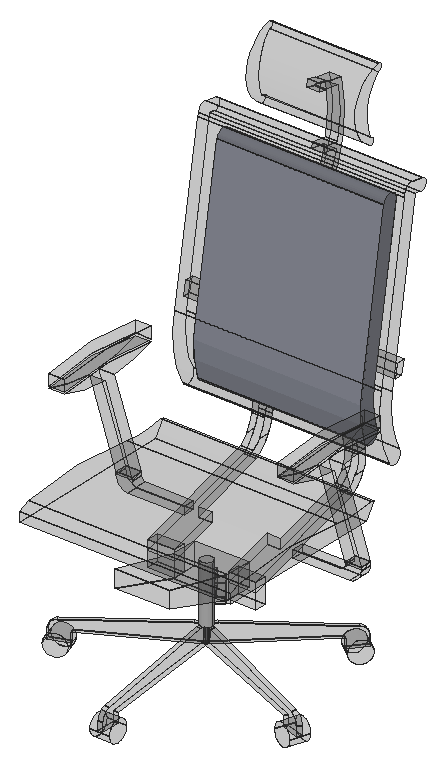
Revit family (continued)
Automatic sketch dimensions
  Extrusion 17 sketch curve to Extrusion 17 sketch curve = 4.408 mm
  Extrusion 17 sketch curve to Extrusion 17 sketch curve = 42.972 mm
  Extrusion 17 sketch curve to Extrusion 17 sketch curve = 26.007 mm
  Extrusion 18 sketch curve to Extrusion 18 sketch curve = 0.00 mm  (x6)
  Extrusion 18 sketch curve to Extrusion 15 = 0.00 mm  (x3)
  Extrusion 18 sketch curve to Extrusion 15 = 92.634 mm
  Extrusion 15 to Extrusion 18 sketch curve = 35.00 mm
  Extrusion 18 sketch curve to Extrusion 18 sketch curve = 119.211 mm
  Extrusion 18 sketch curve to Extrusion 18 sketch curve = 1.726 mm
  Extrusion 15 to Extrusion 18 sketch curve = 22.119 mm
  Extrusion 18 sketch curve to Extrusion 18 sketch curve = 58.542 mm
  Extrusion 18 sketch curve to Extrusion 18 sketch curve = 131.934 mm
  Extrusion 19 sketch curve to Extrusion 1 = 0.00 mm
  Extrusion 19 sketch curve to Extrusion 1 = 65.425 mm
  Extrusion 19 sketch curve to Extrusion 19 sketch curve = 31.712 mm
  Extrusion 1 to Extrusion 19 sketch curve = 6.007 mm
  Extrusion 20 sketch curve to Extrusion 20 sketch curve = 65.799 mm
  Extrusion 21 sketch curve to Extrusion 21 sketch curve = 0.00 mm  (x14)
  Extrusion 21 sketch curve to Extrusion 21 sketch curve = 0.927 mm  (x2)
  Extrusion 21 sketch curve to Extrusion 21 sketch curve = 28.861 mm
  Extrusion 21 sketch curve to Extrusion 21 sketch curve = 30.508 mm
  Extrusion 21 sketch curve to Extrusion 21 sketch curve = 4.913 mm
  Extrusion 21 sketch curve to Extrusion 21 sketch curve = 8.276 mm
  Extrusion 22 sketch curve to Extrusion 22 sketch curve = 0.00 mm  (x14)
  Extrusion 22 sketch curve to Extrusion 22 sketch curve = 0.927 mm  (x2)
  Extrusion 22 sketch curve to Extrusion 22 sketch curve = 28.861 mm
  Extrusion 22 sketch curve to Extrusion 22 sketch curve = 8.276 mm
  Extrusion 22 sketch curve to Extrusion 22 sketch curve = 0.527 mm
  Extrusion 22 sketch curve to Extrusion 22 sketch curve = 4.913 mm
  Extrusion 22 sketch curve to Extrusion 22 sketch curve = 30.508 mm
  Extrusion 23 sketch curve to Extrusion 19 = 43.371 mm
  Extrusion 23 sketch curve to Extrusion 23 sketch curve = 8.276 mm  (x2)
  Extrusion 23 sketch curve to Extrusion 23 sketch curve = 11.526 mm
  Extrusion 23 sketch curve to Extrusion 19 = 2.532 mm
  Extrusion 23 sketch curve to Extrusion 19 = 211.60 mm
  Extrusion 23 sketch curve to Extrusion 23 sketch curve = 123.405 mm
  Extrusion 23 sketch curve to Extrusion 23 sketch curve = 1.595 mm
  Extrusion 23 sketch curve to Extrusion 23 sketch curve = 8.895 mm
  Extrusion 23 sketch curve to Extrusion 23 sketch curve = 22.546 mm
  Extrusion 24 sketch curve to Extrusion 19 = 0.00 mm
  Extrusion 24 sketch curve to Extrusion 19 = 43.371 mm
  Extrusion 24 sketch curve to Extrusion 24 sketch curve = 8.276 mm  (x2)
  Extrusion 24 sketch curve to Extrusion 24 sketch curve = 11.526 mm
  Extrusion 24 sketch curve to Extrusion 19 = 2.532 mm
  Extrusion 24 sketch curve to Extrusion 19 = 123.405 mm
  Extrusion 24 sketch curve to Extrusion 24 sketch curve = 1.595 mm
  Extrusion 24 sketch curve to Extrusion 24 sketch curve = 8.895 mm
  Extrusion 24 sketch curve to Extrusion 24 sketch curve = 22.546 mm
  Extrusion 25 sketch curve to Extrusion 25 sketch curve = 0.00 mm  (x5)
  Extrusion 1 to Extrusion 25 sketch curve = 1290.586 mm
  Extrusion 1 to Extrusion 25 sketch curve = 3480.162 mm
  Extrusion 1 to Extrusion 25 sketch curve = 1724.423 mm
  Extrusion 1 to Extrusion 25 sketch curve = 182.433 mm
  Extrusion 25 sketch curve to Extrusion 25 sketch curve = 24.266 mm
  Extrusion 25 sketch curve to Extrusion 25 sketch curve = 37.129 mm
  Extrusion 25 sketch curve to Extrusion 25 sketch curve = 17.59 mm
  Extrusion 1 to Extrusion 25 sketch curve = 255.807 mm
  Extrusion 25 sketch curve to Extrusion 25 sketch curve = 1.783 mm
  Extrusion 25 sketch curve to Extrusion 25 sketch curve = 21.375 mm
  Extrusion 25 sketch curve to Extrusion 25 sketch curve = 3.104 mm
  Extrusion 25 sketch curve to Extrusion 25 sketch curve = 14.363 mm
  Extrusion 25 sketch curve to Extrusion 25 sketch curve = 16.061 mm
  Extrusion 25 sketch curve to Extrusion 25 sketch curve = 2.87 mm  (x2)
  Extrusion 25 sketch curve to Extrusion 25 sketch curve = 189.823 mm
  Extrusion 25 sketch curve to Extrusion 1 = 1026.854 mm
  Extrusion 1 to Extrusion 25 sketch curve = 827.495 mm
  Extrusion 25 sketch curve to Extrusion 25 sketch curve = 6.298 mm
  Extrusion 25 sketch curve to Extrusion 25 sketch curve = 16.645 mm
  Extrusion 25 sketch curve to Extrusion 25 sketch curve = 15.068 mm
  Extrusion 25 sketch curve to Extrusion 25 sketch curve = 10.112 mm
  Extrusion 26 sketch curve to Extrusion 26 sketch curve = 108.656 mm
  Extrusion 26 sketch curve to Extrusion 26 sketch curve = 19.639 mm
  Extrusion 26 sketch curve to Extrusion 26 sketch curve = 19.496 mm
  Extrusion 26 sketch curve to Extrusion 26 sketch curve = 7.718 mm
  Extrusion 26 sketch curve to Extrusion 26 sketch curve = 19.512 mm
  Extrusion 26 sketch curve to Extrusion 26 sketch curve = 17.684 mm
  Extrusion 27 sketch curve to Extrusion 27 sketch curve = 29.478 mm
  Extrusion 27 sketch curve to Extrusion 27 sketch curve = 17.684 mm
  Extrusion 27 sketch curve to Extrusion 27 sketch curve = 19.512 mm
  Extrusion 27 sketch curve to Extrusion 27 sketch curve = 69.521 mm
  Extrusion 27 sketch curve to Extrusion 27 sketch curve = 0.00 mm
  Extrusion 27 sketch curve to Extrusion 27 sketch curve = 19.496 mm
  Extrusion 28 sketch curve to Extrusion 25 = 43.247 mm
  Extrusion 25 to Extrusion 28 sketch curve = 406.976 mm
  Extrusion 28 sketch curve to Extrusion 28 sketch curve = 6.104 mm
  Extrusion 28 sketch curve to Extrusion 28 sketch curve = 20.427 mm
  Extrusion 28 sketch curve to Extrusion 28 sketch curve = 22.835 mm
  Extrusion 28 sketch curve to Extrusion 28 sketch curve = 34.62 mm
  Extrusion 29 sketch curve to Extrusion 25 = 36.364 mm
  Extrusion 25 to Extrusion 29 sketch curve = 32.376 mm
  Extrusion 29 sketch curve to Extrusion 29 sketch curve = 0.00 mm
  Extrusion 29 sketch curve to Extrusion 29 sketch curve = 2.987 mm
  Extrusion 29 sketch curve to Extrusion 29 sketch curve = 1.541 mm
  Extrusion 29 sketch curve to Extrusion 29 sketch curve = 25.179 mm
  Extrusion 29 sketch curve to Extrusion 29 sketch curve = 19.949 mm
  Extrusion 29 sketch curve to Extrusion 29 sketch curve = 75.635 mm
  Extrusion 29 sketch curve to Extrusion 29 sketch curve = 7.934 mm
  Extrusion 29 sketch curve to Extrusion 29 sketch curve = 15.051 mm
  Extrusion 30 sketch curve to Extrusion 30 sketch curve = 0.00 mm  (x10)
  Extrusion 30 sketch curve to Extrusion 30 sketch curve = 248.792 mm
  Extrusion 30 sketch curve to Extrusion 30 sketch curve = 3.473 mm
  Extrusion 30 sketch curve to Extrusion 30 sketch curve = 14.416 mm
  Extrusion 30 sketch curve to Extrusion 30 sketch curve = 1.703 mm
  Extrusion 30 sketch curve to Extrusion 30 sketch curve = 5.207 mm
  Extrusion 30 sketch curve to Extrusion 30 sketch curve = 23.149 mm
  Extrusion 30 sketch curve to Extrusion 30 sketch curve = 0.347 mm  (x2)
  Extrusion 30 sketch curve to Extrusion 30 sketch curve = 2.778 mm
  Extrusion 30 sketch curve to Extrusion 30 sketch curve = 16.013 mm
  Extrusion 30 sketch curve to Extrusion 30 sketch curve = 37.676 mm
  Extrusion 30 sketch curve to Extrusion 30 sketch curve = 3.53 mm
  Extrusion 30 sketch curve to Extrusion 30 sketch curve = 37.959 mm
  Extrusion 30 sketch curve to Extrusion 30 sketch curve = 12.202 mm
  Extrusion 30 sketch curve to Extrusion 30 sketch curve = 2.824 mm
  Extrusion 30 sketch curve to Extrusion 30 sketch curve = 94.82 mm
  Extrusion 30 sketch curve to Extrusion 30 sketch curve = 7.105 mm
  Extrusion 30 sketch curve to Extrusion 30 sketch curve = 14.584 mm
  Extrusion 30 sketch curve to Extrusion 30 sketch curve = 14.307 mm
  plane 5 to Masking region 1 sketch curve = 132.35 mm  (x2)
  Masking region 1 sketch curve to Masking region 1 sketch curve = 48.314 mm  (x2)
  Masking region 1 sketch curve to Masking region 1 sketch curve = 30.59 mm  (x2)
  Masking region 1 sketch curve to Masking region 1 sketch curve = 42.192 mm
  Masking region 1 sketch curve to plane 3 "중심(왼쪽/오른쪽)" = 25.40 mm
  plane 3 "중심(왼쪽/오른쪽)" to Masking region 1 sketch curve = 25.40 mm
  Masking region 1 sketch curve to Masking region 1 sketch curve = 79.185 mm
  curve 5 to curve 15 = 32.327 mm
  curve 22 to curve 23 = 30.59 mm
  curve 31 to curve 10 = 14.718 mm
  curve 13 to curve 20 = 4.851 mm
  curve 12 to curve 29 = 4.851 mm
  curve 29 to curve 29 = 15.583 mm
  curve 43 to curve 22 = 2.187 mm
  curve 25 to curve 24 = 39.025 mm
  plane 3 "중심(왼쪽/오른쪽)" to curve 16 = 25.40 mm
  curve 32 to curve 18 = 19.05 mm
  curve 26 to curve 27 = 62.792 mm
  Extrusion 1 sketch curve to Extrusion 1 sketch curve = 2.379 mm
  Extrusion 13 sketch curve to Extrusion 13 sketch curve = 0.00 mm
  Extrusion 13 sketch curve to Extrusion 13 sketch curve = 36.555 mm
  Extrusion 13 sketch curve to Extrusion 13 sketch curve = 25.459 mm
  Extrusion 14 sketch curve to Extrusion 14 sketch curve = 222.197 mm
  Extrusion 17 sketch curve to Extrusion 17 sketch curve = 242.216 mm
  Extrusion 21 sketch curve to Extrusion 21 sketch curve = 271.041 mm
  Extrusion 21 sketch curve to Extrusion 21 sketch curve = 0.527 mm
  Extrusion 22 sketch curve to Extrusion 22 sketch curve = 271.041 mm
  Masking region 1 sketch curve to plane 3 "중심(왼쪽/오른쪽)" = 95.25 mm
  Masking region 1 sketch curve to plane 3 "중심(왼쪽/오른쪽)" = 120.65 mm
  Masking region 1 sketch curve to plane 3 "중심(왼쪽/오른쪽)" = 162.048 mm
  Masking region 1 sketch curve to Masking region 1 sketch curve = 50.678 mm
  Masking region 1 sketch curve to Masking region 1 sketch curve = 2.612 mm
  Masking region 1 sketch curve to Masking region 1 sketch curve = 31.899 mm
  curve 14 to curve 6 = 18.358 mm
  curve 20 to curve 21 = 15.583 mm
  curve 15 to plane 3 "중심(왼쪽/오른쪽)" = 95.25 mm
  curve 17 to curve 9 = 95.25 mm
  curve 2 to curve 39 = 19.122 mm
  curve 38 to curve 38 = 31.899 mm
  plane 3 "중심(왼쪽/오른쪽)" to Masking region 1 sketch curve = 95.25 mm
  Masking region 1 sketch curve to Masking region 1 sketch curve = 95.25 mm
  plane 3 "중심(왼쪽/오른쪽)" to Masking region 1 sketch curve = 162.048 mm
  Masking region 1 sketch curve to Masking region 1 sketch curve = 50.674 mm
  Masking region 1 sketch curve to Masking region 1 sketch curve = 18.71 mm
  Masking region 1 sketch curve to Masking region 1 sketch curve = 32.324 mm
  curve 12 to plane 5 = 20.05 mm
  plane 3 "중심(왼쪽/오른쪽)" to curve 14 = 95.25 mm
  curve 9 to curve 18 = 95.25 mm
  curve 41 to curve 42 = 32.324 mm
  Extrusion 1 sketch curve to Extrusion 1 sketch curve = 189.208 mm
  Extrusion 1 sketch curve to Extrusion 1 sketch curve = 2.133 mm
  Extrusion 1 sketch curve to Extrusion 1 sketch curve = 69.56 mm
  Extrusion 2 sketch curve to Extrusion 2 sketch curve = 28.20 mm
  Extrusion 3 sketch curve to Extrusion 3 sketch curve = 1.097 mm
  Extrusion 3 sketch curve to Extrusion 3 sketch curve = 30.701 mm
  Extrusion 9 sketch curve to Extrusion 9 sketch curve = 52.283 mm
  Extrusion 9 sketch curve to Extrusion 9 sketch curve = 1.097 mm
  Extrusion 10 sketch curve to Extrusion 10 sketch curve = 1.097 mm
  Extrusion 10 sketch curve to Extrusion 10 sketch curve = 30.701 mm
  Extrusion 11 sketch curve to Extrusion 11 sketch curve = 52.283 mm
  Extrusion 11 sketch curve to Extrusion 11 sketch curve = 1.097 mm
  Extrusion 12 sketch curve to Extrusion 12 sketch curve = 266.70 mm
  Extrusion 12 sketch curve to Extrusion 12 sketch curve = 4.411 mm
  Extrusion 12 sketch curve to Extrusion 12 sketch curve = 30.701 mm
  Extrusion 13 sketch curve to Extrusion 13 sketch curve = 193.281 mm
  Extrusion 13 sketch curve to Extrusion 13 sketch curve = 200.516 mm
  Extrusion 13 sketch curve to Extrusion 13 sketch curve = 246.719 mm
  Extrusion 14 sketch curve to Extrusion 14 sketch curve = 157.597 mm
  Extrusion 14 sketch curve to Extrusion 14 sketch curve = 51.415 mm
  Extrusion 14 sketch curve to Extrusion 14 sketch curve = 1.212 mm
  Extrusion 14 sketch curve to Extrusion 14 sketch curve = 217.458 mm
  Extrusion 14 sketch curve to Extrusion 14 sketch curve = 97.736 mm
  Extrusion 14 sketch curve to Extrusion 14 sketch curve = 46.592 mm
  Extrusion 14 sketch curve to Extrusion 14 sketch curve = 110.161 mm
  Extrusion 17 sketch curve to Extrusion 17 sketch curve = 257.368 mm
  Extrusion 17 sketch curve to Extrusion 17 sketch curve = 31.354 mm
  Extrusion 17 sketch curve to Extrusion 17 sketch curve = 148.724 mm
  Extrusion 20 sketch curve to Extrusion 20 sketch curve = 31.712 mm
  Extrusion 21 sketch curve to Extrusion 21 sketch curve = 30.943 mm
  Extrusion 21 sketch curve to Extrusion 21 sketch curve = 117.903 mm
  Extrusion 21 sketch curve to Extrusion 21 sketch curve = 141.123 mm
  Extrusion 21 sketch curve to Extrusion 21 sketch curve = 80.393 mm
  Extrusion 21 sketch curve to Extrusion 21 sketch curve = 31.42 mm
  Extrusion 21 sketch curve to Extrusion 21 sketch curve = 131.071 mm
  Extrusion 21 sketch curve to Extrusion 21 sketch curve = 446.677 mm
  Extrusion 22 sketch curve to Extrusion 22 sketch curve = 30.943 mm
  Extrusion 22 sketch curve to Extrusion 22 sketch curve = 117.903 mm
  Extrusion 22 sketch curve to Extrusion 22 sketch curve = 141.123 mm
  Extrusion 22 sketch curve to Extrusion 22 sketch curve = 80.393 mm
  Extrusion 22 sketch curve to Extrusion 22 sketch curve = 31.42 mm
  Extrusion 22 sketch curve to Extrusion 22 sketch curve = 131.071 mm
  Extrusion 22 sketch curve to Extrusion 22 sketch curve = 446.677 mm
  Extrusion 31 sketch curve to Extrusion 31 sketch curve = 59.792 mm
  Extrusion 31 sketch curve to Extrusion 31 sketch curve = 44.796 mm
  Extrusion 33 sketch curve to Extrusion 33 sketch curve = 25.40 mm  (x4)
  Extrusion 33 sketch curve to Extrusion 33 sketch curve = 266.70 mm
  Extrusion 33 sketch curve to Extrusion 33 sketch curve = 4.411 mm
  Extrusion 33 sketch curve to Extrusion 33 sketch curve = 45.499 mm
  Extrusion 34 sketch curve to Extrusion 34 sketch curve = 28.20 mm
  Extrusion 35 sketch curve to Extrusion 35 sketch curve = 28.20 mm
  Extrusion 36 sketch curve to Extrusion 36 sketch curve = 28.20 mm
  Extrusion 37 sketch curve to Extrusion 37 sketch curve = 28.20 mm
  Extrusion 39 sketch curve to Extrusion 39 sketch curve = 25.40 mm  (x4)
  Extrusion 39 sketch curve to Extrusion 39 sketch curve = 266.70 mm
  Extrusion 39 sketch curve to Extrusion 39 sketch curve = 4.411 mm
  Extrusion 39 sketch curve to Extrusion 39 sketch curve = 45.499 mm
  Extrusion 40 sketch curve to Extrusion 40 sketch curve = 25.40 mm  (x4)
  Extrusion 40 sketch curve to Extrusion 40 sketch curve = 266.70 mm
  Extrusion 40 sketch curve to Extrusion 40 sketch curve = 4.411 mm
  Extrusion 40 sketch curve to Extrusion 40 sketch curve = 45.499 mm
  Extrusion 41 sketch curve to Extrusion 41 sketch curve = 25.40 mm  (x4)
  Extrusion 41 sketch curve to Extrusion 41 sketch curve = 266.70 mm
  Extrusion 41 sketch curve to Extrusion 41 sketch curve = 4.411 mm
  Extrusion 41 sketch curve to Extrusion 41 sketch curve = 45.499 mm
  Extrusion 42 sketch curve to Extrusion 42 sketch curve = 25.40 mm  (x3)
  Extrusion 42 sketch curve to Extrusion 42 sketch curve = 50.80 mm
  Extrusion 42 sketch curve to Extrusion 42 sketch curve = 24.303 mm
  Extrusion 42 sketch curve to Extrusion 42 sketch curve = 45.499 mm
  Extrusion 43 sketch curve to Extrusion 43 sketch curve = 25.811 mm
  Extrusion 43 sketch curve to Extrusion 43 sketch curve = 1.212 mm
  Extrusion 44 sketch curve to Extrusion 44 sketch curve = 0.00 mm  (x2)
  Extrusion 45 sketch curve to Extrusion 45 sketch curve = 0.00 mm  (x2)
  Extrusion 45 sketch curve to Extrusion 31 = 20.00 mm
  Extrusion 45 sketch curve to Extrusion 31 = 65.425 mm
  Extrusion 31 to Extrusion 45 sketch curve = 191.942 mm
  Extrusion 31 to Extrusion 45 sketch curve = 228.523 mm
  Extrusion 45 sketch curve to Extrusion 45 sketch curve = 4.408 mm
  Extrusion 45 sketch curve to Extrusion 45 sketch curve = 42.972 mm
  Extrusion 45 sketch curve to Extrusion 45 sketch curve = 10.514 mm
  Extrusion 45 sketch curve to Extrusion 45 sketch curve = 39.352 mm
  Extrusion 45 sketch curve to Extrusion 45 sketch curve = 25.00 mm  (x2)
  Extrusion 31 to Extrusion 45 sketch curve = 6.007 mm
  Extrusion 31 to Extrusion 45 sketch curve = 69.136 mm
  Extrusion 45 sketch curve to Extrusion 45 sketch curve = 242.216 mm
  Extrusion 46 sketch curve to Extrusion 46 sketch curve = 0.00 mm  (x6)
  Extrusion 46 sketch curve to Extrusion 45 = 0.00 mm
  Extrusion 46 sketch curve to Extrusion 45 = 92.634 mm
  Extrusion 46 sketch curve to Extrusion 46 sketch curve = 119.211 mm
  Extrusion 46 sketch curve to Extrusion 46 sketch curve = 1.726 mm
  Extrusion 46 sketch curve to Extrusion 46 sketch curve = 58.542 mm
  Extrusion 46 sketch curve to Extrusion 46 sketch curve = 11.388 mm
  Extrusion 46 sketch curve to Extrusion 45 = 42.798 mm
  Extrusion 46 sketch curve to Extrusion 46 sketch curve = 131.934 mm
  Extrusion 46 sketch curve to Extrusion 45 = 436.853 mm
  Extrusion 45 to Extrusion 46 sketch curve = 281.60 mm
  Extrusion 47 sketch curve to Extrusion 47 sketch curve = 0.00 mm  (x4)
  Extrusion 47 sketch curve to Extrusion 47 sketch curve = 25.00 mm  (x2)
  Extrusion 47 sketch curve to Extrusion 47 sketch curve = 10.514 mm
  Extrusion 47 sketch curve to Extrusion 47 sketch curve = 40.17 mm
  Extrusion 47 sketch curve to Extrusion 47 sketch curve = 4.408 mm
  Extrusion 47 sketch curve to Extrusion 47 sketch curve = 42.972 mm
  Extrusion 47 sketch curve to Extrusion 47 sketch curve = 26.007 mm
  Extrusion 48 sketch curve to Extrusion 48 sketch curve = 0.00 mm  (x6)
  Extrusion 48 sketch curve to Extrusion 45 = 0.00 mm  (x3)
  Extrusion 48 sketch curve to Extrusion 45 = 92.634 mm
  Extrusion 45 to Extrusion 48 sketch curve = 35.00 mm
  Extrusion 48 sketch curve to Extrusion 48 sketch curve = 119.211 mm
  Extrusion 48 sketch curve to Extrusion 48 sketch curve = 1.726 mm
  Extrusion 45 to Extrusion 48 sketch curve = 22.119 mm
  Extrusion 48 sketch curve to Extrusion 48 sketch curve = 58.542 mm
  Extrusion 48 sketch curve to Extrusion 48 sketch curve = 131.934 mm
  Extrusion 49 sketch curve to Extrusion 31 = 0.00 mm
  Extrusion 49 sketch curve to Extrusion 31 = 65.425 mm
  Extrusion 49 sketch curve to Extrusion 49 sketch curve = 31.712 mm
  Extrusion 31 to Extrusion 49 sketch curve = 6.007 mm
  Extrusion 50 sketch curve to Extrusion 50 sketch curve = 65.799 mm
  Extrusion 51 sketch curve to Extrusion 51 sketch curve = 0.00 mm  (x14)
  Extrusion 51 sketch curve to Extrusion 51 sketch curve = 0.927 mm  (x2)
  Extrusion 51 sketch curve to Extrusion 51 sketch curve = 28.861 mm
  Extrusion 51 sketch curve to Extrusion 51 sketch curve = 30.508 mm
  Extrusion 51 sketch curve to Extrusion 51 sketch curve = 4.913 mm
  Extrusion 51 sketch curve to Extrusion 51 sketch curve = 8.276 mm
  Extrusion 52 sketch curve to Extrusion 52 sketch curve = 0.00 mm  (x14)
  Extrusion 52 sketch curve to Extrusion 52 sketch curve = 0.927 mm  (x2)
  Extrusion 52 sketch curve to Extrusion 52 sketch curve = 28.861 mm
  Extrusion 52 sketch curve to Extrusion 52 sketch curve = 8.276 mm
  Extrusion 52 sketch curve to Extrusion 52 sketch curve = 0.527 mm
  Extrusion 52 sketch curve to Extrusion 52 sketch curve = 4.913 mm
  Extrusion 52 sketch curve to Extrusion 52 sketch curve = 30.508 mm
  Extrusion 53 sketch curve to Extrusion 49 = 43.371 mm
  Extrusion 53 sketch curve to Extrusion 53 sketch curve = 8.276 mm  (x2)
  Extrusion 53 sketch curve to Extrusion 53 sketch curve = 11.526 mm
  Extrusion 53 sketch curve to Extrusion 49 = 2.532 mm
  Extrusion 53 sketch curve to Extrusion 49 = 211.60 mm
  Extrusion 53 sketch curve to Extrusion 53 sketch curve = 123.405 mm
  Extrusion 53 sketch curve to Extrusion 53 sketch curve = 1.595 mm
  Extrusion 53 sketch curve to Extrusion 53 sketch curve = 8.895 mm
  Extrusion 53 sketch curve to Extrusion 53 sketch curve = 22.546 mm
  Extrusion 54 sketch curve to Extrusion 49 = 0.00 mm
  Extrusion 54 sketch curve to Extrusion 49 = 43.371 mm
  Extrusion 54 sketch curve to Extrusion 54 sketch curve = 8.276 mm  (x2)
  Extrusion 54 sketch curve to Extrusion 54 sketch curve = 11.526 mm
  Extrusion 54 sketch curve to Extrusion 49 = 2.532 mm
  Extrusion 54 sketch curve to Extrusion 49 = 123.405 mm
  Extrusion 54 sketch curve to Extrusion 54 sketch curve = 1.595 mm
  Extrusion 54 sketch curve to Extrusion 54 sketch curve = 8.895 mm
  Extrusion 54 sketch curve to Extrusion 54 sketch curve = 22.546 mm
  Extrusion 55 sketch curve to Extrusion 55 sketch curve = 0.00 mm  (x5)
  Extrusion 31 to Extrusion 55 sketch curve = 1290.586 mm
  Extrusion 31 to Extrusion 55 sketch curve = 3480.162 mm
  Extrusion 31 to Extrusion 55 sketch curve = 1724.423 mm
  Extrusion 31 to Extrusion 55 sketch curve = 182.433 mm
  Extrusion 55 sketch curve to Extrusion 55 sketch curve = 24.266 mm
  Extrusion 55 sketch curve to Extrusion 55 sketch curve = 37.129 mm
  Extrusion 55 sketch curve to Extrusion 55 sketch curve = 17.59 mm
  Extrusion 31 to Extrusion 55 sketch curve = 255.807 mm
  Extrusion 55 sketch curve to Extrusion 55 sketch curve = 1.783 mm
  Extrusion 55 sketch curve to Extrusion 55 sketch curve = 21.375 mm
  Extrusion 55 sketch curve to Extrusion 55 sketch curve = 3.104 mm
  Extrusion 55 sketch curve to Extrusion 55 sketch curve = 14.363 mm
  Extrusion 55 sketch curve to Extrusion 55 sketch curve = 16.061 mm
  Extrusion 55 sketch curve to Extrusion 55 sketch curve = 2.87 mm  (x2)
  Extrusion 55 sketch curve to Extrusion 55 sketch curve = 189.823 mm
  Extrusion 55 sketch curve to Extrusion 31 = 1026.854 mm
  Extrusion 31 to Extrusion 55 sketch curve = 827.495 mm
  Extrusion 55 sketch curve to Extrusion 55 sketch curve = 6.298 mm
  Extrusion 55 sketch curve to Extrusion 55 sketch curve = 16.645 mm
  Extrusion 55 sketch curve to Extrusion 55 sketch curve = 15.068 mm
  Extrusion 55 sketch curve to Extrusion 55 sketch curve = 10.112 mm
  Extrusion 56 sketch curve to Extrusion 56 sketch curve = 108.656 mm
  Extrusion 56 sketch curve to Extrusion 56 sketch curve = 19.639 mm
  Extrusion 56 sketch curve to Extrusion 56 sketch curve = 19.496 mm
  Extrusion 56 sketch curve to Extrusion 56 sketch curve = 7.718 mm
  Extrusion 56 sketch curve to Extrusion 56 sketch curve = 19.512 mm
  Extrusion 56 sketch curve to Extrusion 56 sketch curve = 17.684 mm
  Extrusion 57 sketch curve to Extrusion 57 sketch curve = 29.478 mm
  Extrusion 57 sketch curve to Extrusion 57 sketch curve = 17.684 mm
  Extrusion 57 sketch curve to Extrusion 57 sketch curve = 19.512 mm
  Extrusion 57 sketch curve to Extrusion 57 sketch curve = 69.521 mm
  Extrusion 57 sketch curve to Extrusion 57 sketch curve = 0.00 mm
  Extrusion 57 sketch curve to Extrusion 57 sketch curve = 19.496 mm
  Extrusion 58 sketch curve to Extrusion 55 = 43.247 mm
  Extrusion 55 to Extrusion 58 sketch curve = 406.976 mm
  Extrusion 58 sketch curve to Extrusion 58 sketch curve = 6.104 mm
  Extrusion 58 sketch curve to Extrusion 58 sketch curve = 20.427 mm
  Extrusion 58 sketch curve to Extrusion 58 sketch curve = 22.835 mm
  Extrusion 58 sketch curve to Extrusion 58 sketch curve = 34.62 mm
  Extrusion 59 sketch curve to Extrusion 55 = 36.364 mm
  Extrusion 55 to Extrusion 59 sketch curve = 32.376 mm
  Extrusion 59 sketch curve to Extrusion 59 sketch curve = 0.00 mm
  Extrusion 59 sketch curve to Extrusion 59 sketch curve = 2.987 mm
  Extrusion 59 sketch curve to Extrusion 59 sketch curve = 1.541 mm
  Extrusion 59 sketch curve to Extrusion 59 sketch curve = 25.179 mm
  Extrusion 59 sketch curve to Extrusion 59 sketch curve = 19.949 mm
  Extrusion 59 sketch curve to Extrusion 59 sketch curve = 75.635 mm
  Extrusion 59 sketch curve to Extrusion 59 sketch curve = 7.934 mm
  Extrusion 59 sketch curve to Extrusion 59 sketch curve = 15.051 mm
  Extrusion 60 sketch curve to Extrusion 60 sketch curve = 0.00 mm  (x10)
  Extrusion 60 sketch curve to Extrusion 60 sketch curve = 248.792 mm
  Extrusion 60 sketch curve to Extrusion 60 sketch curve = 3.473 mm
  Extrusion 60 sketch curve to Extrusion 60 sketch curve = 14.416 mm
  Extrusion 60 sketch curve to Extrusion 60 sketch curve = 1.703 mm
  Extrusion 60 sketch curve to Extrusion 60 sketch curve = 5.207 mm
  Extrusion 60 sketch curve to Extrusion 60 sketch curve = 23.149 mm
  Extrusion 60 sketch curve to Extrusion 60 sketch curve = 0.347 mm  (x2)
  Extrusion 60 sketch curve to Extrusion 60 sketch curve = 2.778 mm
  Extrusion 60 sketch curve to Extrusion 60 sketch curve = 16.013 mm
  Extrusion 60 sketch curve to Extrusion 60 sketch curve = 37.676 mm
  Extrusion 60 sketch curve to Extrusion 60 sketch curve = 3.53 mm
  Extrusion 60 sketch curve to Extrusion 60 sketch curve = 37.959 mm
  Extrusion 60 sketch curve to Extrusion 60 sketch curve = 12.202 mm
  Extrusion 60 sketch curve to Extrusion 60 sketch curve = 2.824 mm
  Extrusion 60 sketch curve to Extrusion 60 sketch curve = 94.82 mm
  Extrusion 60 sketch curve to Extrusion 60 sketch curve = 7.105 mm
  Extrusion 60 sketch curve to Extrusion 60 sketch curve = 14.584 mm
  Extrusion 60 sketch curve to Extrusion 60 sketch curve = 14.307 mm
  Extrusion 31 sketch curve to Extrusion 31 sketch curve = 2.379 mm
  Extrusion 43 sketch curve to Extrusion 43 sketch curve = 0.00 mm
  Extrusion 43 sketch curve to Extrusion 43 sketch curve = 36.555 mm
  Extrusion 43 sketch curve to Extrusion 43 sketch curve = 25.459 mm
  Extrusion 44 sketch curve to Extrusion 44 sketch curve = 222.197 mm
  Extrusion 47 sketch curve to Extrusion 47 sketch curve = 242.216 mm
  Extrusion 51 sketch curve to Extrusion 51 sketch curve = 271.041 mm
  Extrusion 51 sketch curve to Extrusion 51 sketch curve = 0.527 mm
  Extrusion 52 sketch curve to Extrusion 52 sketch curve = 271.041 mm
  Extrusion 31 sketch curve to Extrusion 31 sketch curve = 189.208 mm
  Extrusion 31 sketch curve to Extrusion 31 sketch curve = 2.133 mm
  Extrusion 31 sketch curve to Extrusion 31 sketch curve = 69.56 mm
  Extrusion 32 sketch curve to Extrusion 32 sketch curve = 28.20 mm
  Extrusion 33 sketch curve to Extrusion 33 sketch curve = 1.097 mm
  Extrusion 33 sketch curve to Extrusion 33 sketch curve = 30.701 mm
  Extrusion 38 sketch curve to Extrusion 38 sketch curve = 15.40 mm
  Extrusion 39 sketch curve to Extrusion 39 sketch curve = 52.283 mm
  Extrusion 39 sketch curve to Extrusion 39 sketch curve = 1.097 mm
  Extrusion 40 sketch curve to Extrusion 40 sketch curve = 1.097 mm
  Extrusion 40 sketch curve to Extrusion 40 sketch curve = 30.701 mm
  Extrusion 41 sketch curve to Extrusion 41 sketch curve = 52.283 mm
  Extrusion 41 sketch curve to Extrusion 41 sketch curve = 1.097 mm
  Extrusion 42 sketch curve to Extrusion 42 sketch curve = 266.70 mm
  Extrusion 42 sketch curve to Extrusion 42 sketch curve = 4.411 mm
  Extrusion 42 sketch curve to Extrusion 42 sketch curve = 30.701 mm
  Extrusion 43 sketch curve to Extrusion 43 sketch curve = 193.281 mm
  Extrusion 43 sketch curve to Extrusion 43 sketch curve = 200.516 mm
  Extrusion 43 sketch curve to Extrusion 43 sketch curve = 246.719 mm
  Extrusion 44 sketch curve to Extrusion 44 sketch curve = 157.597 mm
  Extrusion 44 sketch curve to Extrusion 44 sketch curve = 51.415 mm
  Extrusion 44 sketch curve to Extrusion 44 sketch curve = 1.212 mm
  Extrusion 44 sketch curve to Extrusion 44 sketch curve = 217.458 mm
  Extrusion 44 sketch curve to Extrusion 44 sketch curve = 97.736 mm
  Extrusion 44 sketch curve to Extrusion 44 sketch curve = 46.592 mm
  Extrusion 44 sketch curve to Extrusion 44 sketch curve = 110.161 mm
  Extrusion 47 sketch curve to Extrusion 47 sketch curve = 257.368 mm
  Extrusion 47 sketch curve to Extrusion 47 sketch curve = 31.354 mm
  Extrusion 47 sketch curve to Extrusion 47 sketch curve = 148.724 mm
  Extrusion 50 sketch curve to Extrusion 50 sketch curve = 31.712 mm
  Extrusion 51 sketch curve to Extrusion 51 sketch curve = 30.943 mm
  Extrusion 51 sketch curve to Extrusion 51 sketch curve = 117.903 mm
  Extrusion 51 sketch curve to Extrusion 51 sketch curve = 141.123 mm
  Extrusion 51 sketch curve to Extrusion 51 sketch curve = 80.393 mm
  Extrusion 51 sketch curve to Extrusion 51 sketch curve = 31.42 mm
  Extrusion 51 sketch curve to Extrusion 51 sketch curve = 131.071 mm
  Extrusion 51 sketch curve to Extrusion 51 sketch curve = 446.677 mm
  Extrusion 52 sketch curve to Extrusion 52 sketch curve = 30.943 mm
  Extrusion 52 sketch curve to Extrusion 52 sketch curve = 117.903 mm
  Extrusion 52 sketch curve to Extrusion 52 sketch curve = 141.123 mm
  Extrusion 52 sketch curve to Extrusion 52 sketch curve = 80.393 mm
  Extrusion 52 sketch curve to Extrusion 52 sketch curve = 31.42 mm
  Extrusion 52 sketch curve to Extrusion 52 sketch curve = 131.071 mm
  Extrusion 52 sketch curve to Extrusion 52 sketch curve = 446.677 mm
  Extrusion 61 sketch curve to Extrusion 61 sketch curve = 59.792 mm
  Extrusion 61 sketch curve to Extrusion 61 sketch curve = 44.796 mm
  Extrusion 63 sketch curve to Extrusion 63 sketch curve = 25.40 mm  (x4)
  Extrusion 63 sketch curve to Extrusion 63 sketch curve = 266.70 mm
  Extrusion 63 sketch curve to Extrusion 63 sketch curve = 4.411 mm
  Extrusion 63 sketch curve to Extrusion 63 sketch curve = 45.499 mm
  Extrusion 64 sketch curve to Extrusion 64 sketch curve = 28.20 mm
  Extrusion 65 sketch curve to Extrusion 65 sketch curve = 28.20 mm
  Extrusion 66 sketch curve to Extrusion 66 sketch curve = 28.20 mm
  Extrusion 67 sketch curve to Extrusion 67 sketch curve = 28.20 mm
  Extrusion 69 sketch curve to Extrusion 69 sketch curve = 25.40 mm  (x4)
  Extrusion 69 sketch curve to Extrusion 69 sketch curve = 266.70 mm
  Extrusion 69 sketch curve to Extrusion 69 sketch curve = 4.411 mm
  Extrusion 69 sketch curve to Extrusion 69 sketch curve = 45.499 mm
  Extrusion 70 sketch curve to Extrusion 70 sketch curve = 25.40 mm  (x4)
  Extrusion 70 sketch curve to Extrusion 70 sketch curve = 266.70 mm
  Extrusion 70 sketch curve to Extrusion 70 sketch curve = 4.411 mm
  Extrusion 70 sketch curve to Extrusion 70 sketch curve = 45.499 mm
  Extrusion 71 sketch curve to Extrusion 71 sketch curve = 25.40 mm  (x4)
  Extrusion 71 sketch curve to Extrusion 71 sketch curve = 266.70 mm
  Extrusion 71 sketch curve to Extrusion 71 sketch curve = 4.411 mm
  Extrusion 71 sketch curve to Extrusion 71 sketch curve = 45.499 mm
  Extrusion 72 sketch curve to Extrusion 72 sketch curve = 25.40 mm  (x3)
  Extrusion 72 sketch curve to Extrusion 72 sketch curve = 50.80 mm
  Extrusion 72 sketch curve to Extrusion 72 sketch curve = 24.303 mm
  Extrusion 72 sketch curve to Extrusion 72 sketch curve = 45.499 mm
  Extrusion 73 sketch curve to Extrusion 73 sketch curve = 25.811 mm
  Extrusion 73 sketch curve to Extrusion 73 sketch curve = 1.212 mm
  Extrusion 74 sketch curve to Extrusion 74 sketch curve = 0.00 mm  (x2)
  Extrusion 75 sketch curve to Extrusion 75 sketch curve = 0.00 mm  (x2)
  Extrusion 75 sketch curve to Extrusion 61 = 20.00 mm
  Extrusion 75 sketch curve to Extrusion 61 = 65.425 mm
  Extrusion 61 to Extrusion 75 sketch curve = 191.942 mm
  Extrusion 61 to Extrusion 75 sketch curve = 228.523 mm
  Extrusion 75 sketch curve to Extrusion 75 sketch curve = 4.408 mm
  Extrusion 75 sketch curve to Extrusion 75 sketch curve = 42.972 mm
  Extrusion 75 sketch curve to Extrusion 75 sketch curve = 10.514 mm
  Extrusion 75 sketch curve to Extrusion 75 sketch curve = 39.352 mm
  Extrusion 75 sketch curve to Extrusion 75 sketch curve = 25.00 mm  (x2)
  Extrusion 61 to Extrusion 75 sketch curve = 6.007 mm
  Extrusion 61 to Extrusion 75 sketch curve = 69.136 mm
  Extrusion 75 sketch curve to Extrusion 75 sketch curve = 242.216 mm
  Extrusion 76 sketch curve to Extrusion 76 sketch curve = 0.00 mm  (x6)
  Extrusion 76 sketch curve to Extrusion 75 = 0.00 mm
  Extrusion 76 sketch curve to Extrusion 75 = 92.634 mm
  Extrusion 76 sketch curve to Extrusion 76 sketch curve = 119.211 mm
  Extrusion 76 sketch curve to Extrusion 76 sketch curve = 1.726 mm
  Extrusion 76 sketch curve to Extrusion 76 sketch curve = 58.542 mm
  Extrusion 76 sketch curve to Extrusion 76 sketch curve = 11.388 mm
  Extrusion 76 sketch curve to Extrusion 75 = 42.798 mm
  Extrusion 76 sketch curve to Extrusion 76 sketch curve = 131.934 mm
  Extrusion 76 sketch curve to Extrusion 75 = 436.853 mm
  Extrusion 75 to Extrusion 76 sketch curve = 281.60 mm
  Extrusion 77 sketch curve to Extrusion 77 sketch curve = 0.00 mm  (x4)
  Extrusion 77 sketch curve to Extrusion 77 sketch curve = 25.00 mm  (x2)
  Extrusion 77 sketch curve to Extrusion 77 sketch curve = 10.514 mm
  Extrusion 77 sketch curve to Extrusion 77 sketch curve = 40.17 mm
  Extrusion 77 sketch curve to Extrusion 77 sketch curve = 4.408 mm
  Extrusion 77 sketch curve to Extrusion 77 sketch curve = 42.972 mm
  Extrusion 77 sketch curve to Extrusion 77 sketch curve = 26.007 mm
  Extrusion 78 sketch curve to Extrusion 78 sketch curve = 0.00 mm  (x6)
  Extrusion 78 sketch curve to Extrusion 75 = 0.00 mm  (x3)
  Extrusion 78 sketch curve to Extrusion 75 = 92.634 mm
  Extrusion 75 to Extrusion 78 sketch curve = 35.00 mm
  Extrusion 78 sketch curve to Extrusion 78 sketch curve = 119.211 mm
  Extrusion 78 sketch curve to Extrusion 78 sketch curve = 1.726 mm
  Extrusion 75 to Extrusion 78 sketch curve = 22.119 mm
  Extrusion 78 sketch curve to Extrusion 78 sketch curve = 58.542 mm
  Extrusion 78 sketch curve to Extrusion 78 sketch curve = 131.934 mm
  Extrusion 79 sketch curve to Extrusion 61 = 0.00 mm
  Extrusion 79 sketch curve to Extrusion 61 = 65.425 mm
  Extrusion 79 sketch curve to Extrusion 79 sketch curve = 31.712 mm
  Extrusion 61 to Extrusion 79 sketch curve = 6.007 mm
  Extrusion 80 sketch curve to Extrusion 80 sketch curve = 65.799 mm
  Extrusion 81 sketch curve to Extrusion 81 sketch curve = 0.00 mm  (x14)
  Extrusion 81 sketch curve to Extrusion 81 sketch curve = 0.927 mm  (x2)
  Extrusion 81 sketch curve to Extrusion 81 sketch curve = 28.861 mm
  Extrusion 81 sketch curve to Extrusion 81 sketch curve = 30.508 mm
  Extrusion 81 sketch curve to Extrusion 81 sketch curve = 4.913 mm
  Extrusion 81 sketch curve to Extrusion 81 sketch curve = 8.276 mm
  Extrusion 82 sketch curve to Extrusion 82 sketch curve = 0.00 mm  (x14)
  Extrusion 82 sketch curve to Extrusion 82 sketch curve = 0.927 mm  (x2)
  Extrusion 82 sketch curve to Extrusion 82 sketch curve = 28.861 mm
  Extrusion 82 sketch curve to Extrusion 82 sketch curve = 8.276 mm
  Extrusion 82 sketch curve to Extrusion 82 sketch curve = 0.527 mm
  Extrusion 82 sketch curve to Extrusion 82 sketch curve = 4.913 mm
  Extrusion 82 sketch curve to Extrusion 82 sketch curve = 30.508 mm
  Extrusion 83 sketch curve to Extrusion 79 = 43.371 mm
  Extrusion 83 sketch curve to Extrusion 83 sketch curve = 8.276 mm  (x2)
  Extrusion 83 sketch curve to Extrusion 83 sketch curve = 11.526 mm
  Extrusion 83 sketch curve to Extrusion 79 = 2.532 mm
  Extrusion 83 sketch curve to Extrusion 79 = 211.60 mm
  Extrusion 83 sketch curve to Extrusion 83 sketch curve = 123.405 mm
  Extrusion 83 sketch curve to Extrusion 83 sketch curve = 1.595 mm
  Extrusion 83 sketch curve to Extrusion 83 sketch curve = 8.895 mm
  Extrusion 83 sketch curve to Extrusion 83 sketch curve = 22.546 mm
  Extrusion 84 sketch curve to Extrusion 79 = 0.00 mm
  Extrusion 84 sketch curve to Extrusion 79 = 43.371 mm
  Extrusion 84 sketch curve to Extrusion 84 sketch curve = 8.276 mm  (x2)
  Extrusion 84 sketch curve to Extrusion 84 sketch curve = 11.526 mm
  Extrusion 84 sketch curve to Extrusion 79 = 2.532 mm
  Extrusion 84 sketch curve to Extrusion 79 = 123.405 mm
  Extrusion 84 sketch curve to Extrusion 84 sketch curve = 1.595 mm
  Extrusion 84 sketch curve to Extrusion 84 sketch curve = 8.895 mm
  Extrusion 84 sketch curve to Extrusion 84 sketch curve = 22.546 mm
  Extrusion 85 sketch curve to Extrusion 85 sketch curve = 0.00 mm  (x5)
  Extrusion 61 to Extrusion 85 sketch curve = 1290.586 mm
  Extrusion 61 to Extrusion 85 sketch curve = 3480.162 mm
  Extrusion 61 to Extrusion 85 sketch curve = 1724.423 mm
  Extrusion 61 to Extrusion 85 sketch curve = 182.433 mm
  Extrusion 85 sketch curve to Extrusion 85 sketch curve = 24.266 mm
  Extrusion 85 sketch curve to Extrusion 85 sketch curve = 37.129 mm
  Extrusion 85 sketch curve to Extrusion 85 sketch curve = 17.59 mm
  Extrusion 61 to Extrusion 85 sketch curve = 255.807 mm
  Extrusion 85 sketch curve to Extrusion 85 sketch curve = 1.783 mm
  Extrusion 85 sketch curve to Extrusion 85 sketch curve = 21.375 mm
  Extrusion 85 sketch curve to Extrusion 85 sketch curve = 3.104 mm
  Extrusion 85 sketch curve to Extrusion 85 sketch curve = 14.363 mm
  Extrusion 85 sketch curve to Extrusion 85 sketch curve = 16.061 mm
  Extrusion 85 sketch curve to Extrusion 85 sketch curve = 2.87 mm  (x2)
  Extrusion 85 sketch curve to Extrusion 85 sketch curve = 189.823 mm
  Extrusion 85 sketch curve to Extrusion 61 = 1026.854 mm
  Extrusion 61 to Extrusion 85 sketch curve = 827.495 mm
  Extrusion 85 sketch curve to Extrusion 85 sketch curve = 6.298 mm
  Extrusion 85 sketch curve to Extrusion 85 sketch curve = 16.645 mm
  Extrusion 85 sketch curve to Extrusion 85 sketch curve = 15.068 mm
  Extrusion 85 sketch curve to Extrusion 85 sketch curve = 10.112 mm
  Extrusion 86 sketch curve to Extrusion 86 sketch curve = 108.656 mm
  Extrusion 86 sketch curve to Extrusion 86 sketch curve = 19.639 mm
  Extrusion 86 sketch curve to Extrusion 86 sketch curve = 19.496 mm
  Extrusion 86 sketch curve to Extrusion 86 sketch curve = 7.718 mm
  Extrusion 86 sketch curve to Extrusion 86 sketch curve = 19.512 mm
  Extrusion 86 sketch curve to Extrusion 86 sketch curve = 17.684 mm
  Extrusion 87 sketch curve to Extrusion 87 sketch curve = 29.478 mm
  Extrusion 87 sketch curve to Extrusion 87 sketch curve = 17.684 mm
  Extrusion 87 sketch curve to Extrusion 87 sketch curve = 19.512 mm
  Extrusion 87 sketch curve to Extrusion 87 sketch curve = 69.521 mm
  Extrusion 87 sketch curve to Extrusion 87 sketch curve = 0.00 mm
  Extrusion 87 sketch curve to Extrusion 87 sketch curve = 19.496 mm
  Extrusion 88 sketch curve to Extrusion 85 = 43.247 mm
  Extrusion 85 to Extrusion 88 sketch curve = 406.976 mm
  Extrusion 88 sketch curve to Extrusion 88 sketch curve = 6.104 mm
  Extrusion 88 sketch curve to Extrusion 88 sketch curve = 20.427 mm
  Extrusion 88 sketch curve to Extrusion 88 sketch curve = 22.835 mm
  Extrusion 88 sketch curve to Extrusion 88 sketch curve = 34.62 mm
  Extrusion 89 sketch curve to Extrusion 85 = 36.364 mm
  Extrusion 85 to Extrusion 89 sketch curve = 32.376 mm
  Extrusion 89 sketch curve to Extrusion 89 sketch curve = 0.00 mm
  Extrusion 89 sketch curve to Extrusion 89 sketch curve = 2.987 mm
  Extrusion 89 sketch curve to Extrusion 89 sketch curve = 1.541 mm
  Extrusion 89 sketch curve to Extrusion 89 sketch curve = 25.179 mm
  Extrusion 89 sketch curve to Extrusion 89 sketch curve = 19.949 mm
  Extrusion 89 sketch curve to Extrusion 89 sketch curve = 75.635 mm
  Extrusion 89 sketch curve to Extrusion 89 sketch curve = 7.934 mm
  Extrusion 89 sketch curve to Extrusion 89 sketch curve = 15.051 mm
  Extrusion 90 sketch curve to Extrusion 90 sketch curve = 0.00 mm  (x10)
  Extrusion 90 sketch curve to Extrusion 90 sketch curve = 248.792 mm
  Extrusion 90 sketch curve to Extrusion 90 sketch curve = 3.473 mm
  Extrusion 90 sketch curve to Extrusion 90 sketch curve = 14.416 mm
  Extrusion 90 sketch curve to Extrusion 90 sketch curve = 1.703 mm
  Extrusion 90 sketch curve to Extrusion 90 sketch curve = 5.207 mm
  Extrusion 90 sketch curve to Extrusion 90 sketch curve = 23.149 mm
  Extrusion 90 sketch curve to Extrusion 90 sketch curve = 0.347 mm  (x2)
  Extrusion 90 sketch curve to Extrusion 90 sketch curve = 2.778 mm
  Extrusion 90 sketch curve to Extrusion 90 sketch curve = 16.013 mm
  Extrusion 90 sketch curve to Extrusion 90 sketch curve = 37.676 mm
  Extrusion 90 sketch curve to Extrusion 90 sketch curve = 3.53 mm
  Extrusion 90 sketch curve to Extrusion 90 sketch curve = 37.959 mm
  Extrusion 90 sketch curve to Extrusion 90 sketch curve = 12.202 mm
  Extrusion 90 sketch curve to Extrusion 90 sketch curve = 2.824 mm
  Extrusion 90 sketch curve to Extrusion 90 sketch curve = 94.82 mm
  Extrusion 90 sketch curve to Extrusion 90 sketch curve = 7.105 mm
  Extrusion 90 sketch curve to Extrusion 90 sketch curve = 14.584 mm
  Extrusion 90 sketch curve to Extrusion 90 sketch curve = 14.307 mm
  Extrusion 61 sketch curve to Extrusion 61 sketch curve = 2.379 mm
  Extrusion 73 sketch curve to Extrusion 73 sketch curve = 0.00 mm
  Extrusion 73 sketch curve to Extrusion 73 sketch curve = 36.555 mm
  Extrusion 73 sketch curve to Extrusion 73 sketch curve = 25.459 mm
  Extrusion 74 sketch curve to Extrusion 74 sketch curve = 222.197 mm
  Extrusion 77 sketch curve to Extrusion 77 sketch curve = 242.216 mm
  Extrusion 81 sketch curve to Extrusion 81 sketch curve = 271.041 mm
  Extrusion 81 sketch curve to Extrusion 81 sketch curve = 0.527 mm
  Extrusion 82 sketch curve to Extrusion 82 sketch curve = 271.041 mm
  Extrusion 61 sketch curve to Extrusion 61 sketch curve = 189.208 mm
  Extrusion 61 sketch curve to Extrusion 61 sketch curve = 2.133 mm
  Extrusion 61 sketch curve to Extrusion 61 sketch curve = 69.56 mm
  Extrusion 62 sketch curve to Extrusion 62 sketch curve = 28.20 mm
  Extrusion 63 sketch curve to Extrusion 63 sketch curve = 1.097 mm
  Extrusion 63 sketch curve to Extrusion 63 sketch curve = 30.701 mm
  Extrusion 69 sketch curve to Extrusion 69 sketch curve = 52.283 mm
  Extrusion 69 sketch curve to Extrusion 69 sketch curve = 1.097 mm
  Extrusion 70 sketch curve to Extrusion 70 sketch curve = 1.097 mm
  Extrusion 70 sketch curve to Extrusion 70 sketch curve = 30.701 mm
  Extrusion 71 sketch curve to Extrusion 71 sketch curve = 52.283 mm
  Extrusion 71 sketch curve to Extrusion 71 sketch curve = 1.097 mm
  Extrusion 72 sketch curve to Extrusion 72 sketch curve = 266.70 mm
  Extrusion 72 sketch curve to Extrusion 72 sketch curve = 4.411 mm
  Extrusion 72 sketch curve to Extrusion 72 sketch curve = 30.701 mm
  Extrusion 73 sketch curve to Extrusion 73 sketch curve = 193.281 mm
  Extrusion 73 sketch curve to Extrusion 73 sketch curve = 200.516 mm
  Extrusion 73 sketch curve to Extrusion 73 sketch curve = 246.719 mm
  Extrusion 74 sketch curve to Extrusion 74 sketch curve = 157.597 mm
  Extrusion 74 sketch curve to Extrusion 74 sketch curve = 51.415 mm
  Extrusion 74 sketch curve to Extrusion 74 sketch curve = 1.212 mm
  Extrusion 74 sketch curve to Extrusion 74 sketch curve = 217.458 mm
  Extrusion 74 sketch curve to Extrusion 74 sketch curve = 97.736 mm
  Extrusion 74 sketch curve to Extrusion 74 sketch curve = 46.592 mm
  Extrusion 74 sketch curve to Extrusion 74 sketch curve = 110.161 mm
  Extrusion 77 sketch curve to Extrusion 77 sketch curve = 257.368 mm
  Extrusion 77 sketch curve to Extrusion 77 sketch curve = 31.354 mm
  Extrusion 77 sketch curve to Extrusion 77 sketch curve = 148.724 mm
  Extrusion 80 sketch curve to Extrusion 80 sketch curve = 31.712 mm
  Extrusion 81 sketch curve to Extrusion 81 sketch curve = 30.943 mm
  Extrusion 81 sketch curve to Extrusion 81 sketch curve = 117.903 mm
  Extrusion 81 sketch curve to Extrusion 81 sketch curve = 141.123 mm
  Extrusion 81 sketch curve to Extrusion 81 sketch curve = 80.393 mm
  Extrusion 81 sketch curve to Extrusion 81 sketch curve = 31.42 mm
  Extrusion 81 sketch curve to Extrusion 81 sketch curve = 131.071 mm
  Extrusion 81 sketch curve to Extrusion 81 sketch curve = 446.677 mm
  Extrusion 82 sketch curve to Extrusion 82 sketch curve = 30.943 mm
  Extrusion 82 sketch curve to Extrusion 82 sketch curve = 117.903 mm
  Extrusion 82 sketch curve to Extrusion 82 sketch curve = 141.123 mm
  Extrusion 82 sketch curve to Extrusion 82 sketch curve = 80.393 mm
  Extrusion 82 sketch curve to Extrusion 82 sketch curve = 31.42 mm
  Extrusion 82 sketch curve to Extrusion 82 sketch curve = 131.071 mm
  Extrusion 82 sketch curve to Extrusion 82 sketch curve = 446.677 mm
  Extrusion 2 sketch curve to Extrusion 2 sketch curve = 0.00 mm  (x2)
  Extrusion 4 sketch curve to Extrusion 4 sketch curve = 0.00 mm  (x2)
  Extrusion 5 sketch curve to Extrusion 5 sketch curve = 0.00 mm  (x2)
  Extrusion 6 sketch curve to Extrusion 6 sketch curve = 0.00 mm  (x2)
  Extrusion 7 sketch curve to Extrusion 7 sketch curve = 0.00 mm  (x2)
  Extrusion 62 sketch curve to Extrusion 62 sketch curve = 0.00 mm  (x2)
  Extrusion 64 sketch curve to Extrusion 64 sketch curve = 0.00 mm  (x2)
  Extrusion 65 sketch curve to Extrusion 65 sketch curve = 0.00 mm  (x2)
  Extrusion 66 sketch curve to Extrusion 66 sketch curve = 0.00 mm  (x2)
  Extrusion 67 sketch curve to Extrusion 67 sketch curve = 0.00 mm  (x2)
  Extrusion 32 sketch curve to Extrusion 32 sketch curve = 0.00 mm  (x2)
  Extrusion 34 sketch curve to Extrusion 34 sketch curve = 0.00 mm  (x2)
  Extrusion 35 sketch curve to Extrusion 35 sketch curve = 0.00 mm  (x2)
  Extrusion 36 sketch curve to Extrusion 36 sketch curve = 0.00 mm  (x2)
  Extrusion 37 sketch curve to Extrusion 37 sketch curve = 0.00 mm  (x2)
  Extrusion 38 sketch curve to Extrusion 38 sketch curve = 0.00 mm  (x2)
  Extrusion 8 sketch curve to Extrusion 8 sketch curve = 0.00 mm  (x2)
  Extrusion 1 to Extrusion 8 sketch curve = 17.402 mm
  Extrusion 8 sketch curve to Extrusion 1 = 55.40 mm
  Extrusion 8 sketch curve to Extrusion 8 sketch curve = 15.40 mm
  Extrusion 68 sketch curve to Extrusion 68 sketch curve = 0.00 mm  (x2)
  Extrusion 61 to Extrusion 68 sketch curve = 17.402 mm
  Extrusion 68 sketch curve to Extrusion 61 = 55.40 mm
  Extrusion 68 sketch curve to Extrusion 68 sketch curve = 15.40 mm
  radius of Extrusion 26 sketch curve to Extrusion 25 = 0.00 mm  (x4)
  radius of Extrusion 27 sketch curve to Extrusion 25 = 0.00 mm  (x4)
  radius of Extrusion 56 sketch curve to Extrusion 55 = 0.00 mm  (x4)
  radius of Extrusion 57 sketch curve to Extrusion 55 = 0.00 mm  (x4)
  radius of Extrusion 86 sketch curve to Extrusion 85 = 0.00 mm  (x4)
  radius of Extrusion 87 sketch curve to Extrusion 85 = 0.00 mm  (x4)
